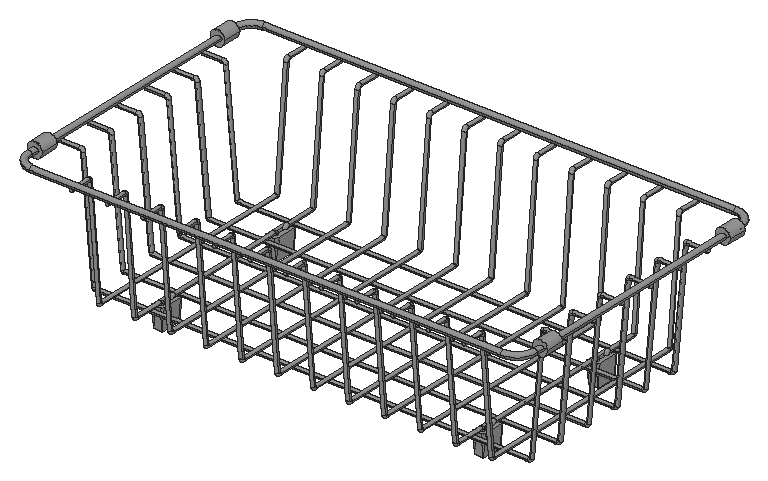
Revit family "ALMA-Ellie_Dish_Rack", category Specialty Equipment, Revit 2026
Family settings
  Round Connector Dimension = Use Diameter
  Part Type = Normal
  Work Plane-Based = Yes
  Enable Cutting in Views = Yes
  Always vertical = Yes
  Cut with Voids When Loaded = No
  Maintain Annotation Orientation = No
  Shared = No
  Room Calculation Point = No
Parameters (values of type "STAINLESS STEEL (KADRSS01)")
  Width = 250 mm
  Support_Material = BM_MATTE BLACK_RUBBER
  Length = 430 mm
  Height = 125 mm
  Grip_Material = BM_OPAQUE WHITE_SILICONE
  DishRack_Material = BM_STAINLESS STEEL
  Default Elevation = 1219.2 mm
Types (4, lengths in mm): name | DishRack_Material
  (no name) | BM_STAINLESS STEEL
  BRUSHED BRASS GOLD (KADRGD02) | BM_BRASS GOLD
  BRUSHED GUNMETAL (KADRGM04) | BM_GUNMETAL
  STAINLESS STEEL (KADRSS01) | BM_STAINLESS STEEL
Reference planes
  plane 1 "Center (Front/Back)": y = 0
  plane 2: z = 0
  plane 3 "Center (Left/Right)": x = 0
  plane 4: y = 125
  plane 5: y = -125
  plane 6: x = -215
  plane 7: x = 215
  plane 8: z = 15
  plane 9: z = 125
  plane 10: z = 122.5
  plane 11 "Center L/Y": x = -195
  plane 12 "Center L/Z": x = 195
  plane 13: x = -165
  plane 14: x = -135
  plane 15: x = 135
  plane 16: x = 165
  plane 17: y = 75
  plane 18: y = 45
  plane 19: y = -75
  plane 20: y = -45
  plane 21: y = 15
  plane 22: y = -15
  plane 23: x = -105
  plane 24: x = -75
  plane 25: x = -45
  plane 26: x = -15
  plane 27: x = 15
  plane 28: x = 44.544
  plane 29: x = 74.544
  plane 30: x = 104.544
Forms (mm)
  Sweep 1, solid, material "BM_STAINLESS STEEL" <- "DishRack_Material"
    path origin (-375, -1524, 122.5) x (-1, 0, 0) y (0, -1, 0)
      loop
        arc (-177, -1646.5) -> (-166.747, -1642.253) -> (-162.5, -1632) r 14.5
        line (-162.5, -1632) -> (-162.5, -1416)
        arc (-162.5, -1416) -> (-166.747, -1405.747) -> (-177, -1401.5) r 14.5
        line (-177, -1401.5) -> (-573, -1401.5)
        arc (-573, -1401.5) -> (-583.253, -1405.747) -> (-587.5, -1416) r 14.5
        line (-587.5, -1416) -> (-587.5, -1632)
        arc (-587.5, -1632) -> (-583.253, -1642.253) -> (-573, -1646.5) r 14.5
        line (-573, -1646.5) -> (-177, -1646.5)
    profile origin (0, 122.5, 122.5) x (0, 1, 0) y (0, 0, 1)
      loop
        circle (0, 0) r 2.5
  Extrusion 2, solid, material "BM_OPAQUE WHITE_SILICONE" <- "Grip_Material"
    sketch origin (0, 0, 0) x (1, 0, 0) y (0, 0, 1)
      loop
        circle (212.466, 122.5) r 6.25
    from 86.5 to 101.5
  Extrusion 3, solid, material "BM_OPAQUE WHITE_SILICONE" <- "Grip_Material"
    sketch origin (0, 0, 0) x (-1, 0, 0) y (0, 0, -1)
      loop
        circle (212.466, -122.5) r 6.25
    from 86.5 to 101.5
  Extrusion 4, solid, material "BM_OPAQUE WHITE_SILICONE" <- "Grip_Material"
    sketch origin (0, 4.004, 0) x (1, 0, 0) y (0, 0, -1)
      loop
        circle (212.466, -122.5) r 6.25
    from 86.5 to 101.5
  Extrusion 5, solid, material "BM_OPAQUE WHITE_SILICONE" <- "Grip_Material"
    sketch origin (0, 4.004, 0) x (-1, 0, 0) y (0, 0, 1)
      loop
        circle (212.466, 122.5) r 6.25
    from 86.5 to 101.5
  Sweep 6, solid, material "BM_STAINLESS STEEL" <- "DishRack_Material"
    path origin (0, 0, 0) x (1, 0, 0) y (0, 0, 1)
      loop
        line (-212.5, 118.5) -> (-195.37, 118.5)
        arc (-195.37, 118.5) -> (-194.024, 117.98) -> (-193.379, 116.69) r 2
        line (-193.379, 116.69) -> (-184.009, 18.31)
        arc (-184.009, 18.31) -> (-183.364, 17.02) -> (-182.018, 16.5) r 2
        line (-182.018, 16.5) -> (182.018, 16.5)
        arc (182.018, 16.5) -> (183.364, 17.02) -> (184.009, 18.31) r 2
        line (184.009, 18.31) -> (193.379, 116.69)
        arc (193.379, 116.69) -> (194.024, 117.98) -> (195.37, 118.5) r 2
        line (195.37, 118.5) -> (212.5, 118.5)
    profile origin (-203.935, 0, 118.5) x (0, 0, 1) y (0, -1, 0)
      loop
        circle (0, 15) r 1.5
  Sweep 7, solid, material "BM_STAINLESS STEEL" <- "DishRack_Material"
    path origin (0, -30, 0) x (1, 0, 0) y (0, 0, 1)
      loop
        line (-212.5, 118.5) -> (-195.37, 118.5)
        arc (-195.37, 118.5) -> (-194.024, 117.98) -> (-193.379, 116.69) r 2
        line (-193.379, 116.69) -> (-184.009, 18.31)
        arc (-184.009, 18.31) -> (-183.364, 17.02) -> (-182.018, 16.5) r 2
        line (-182.018, 16.5) -> (182.018, 16.5)
        arc (182.018, 16.5) -> (183.364, 17.02) -> (184.009, 18.31) r 2
        line (184.009, 18.31) -> (193.379, 116.69)
        arc (193.379, 116.69) -> (194.024, 117.98) -> (195.37, 118.5) r 2
        line (195.37, 118.5) -> (212.5, 118.5)
    profile origin (-203.935, -30, 118.5) x (0, 0, 1) y (0, -1, 0)
      loop
        circle (0, 15) r 1.5
  Sweep 8, solid, material "BM_STAINLESS STEEL" <- "DishRack_Material"
    path origin (0, -60, 0) x (1, 0, 0) y (0, 0, 1)
      loop
        line (-212.5, 118.5) -> (-195.37, 118.5)
        arc (-195.37, 118.5) -> (-194.024, 117.98) -> (-193.379, 116.69) r 2
        line (-193.379, 116.69) -> (-184.009, 18.31)
        arc (-184.009, 18.31) -> (-183.364, 17.02) -> (-182.018, 16.5) r 2
        line (-182.018, 16.5) -> (182.018, 16.5)
        arc (182.018, 16.5) -> (183.364, 17.02) -> (184.009, 18.31) r 2
        line (184.009, 18.31) -> (193.379, 116.69)
        arc (193.379, 116.69) -> (194.024, 117.98) -> (195.37, 118.5) r 2
        line (195.37, 118.5) -> (212.5, 118.5)
    profile origin (-203.935, -60, 118.5) x (0, 0, 1) y (0, -1, 0)
      loop
        circle (0, 15) r 1.5
  Sweep 9, solid, material "BM_STAINLESS STEEL" <- "DishRack_Material"
    path origin (0, 30, 0) x (1, 0, 0) y (0, 0, 1)
      loop
        line (-212.5, 118.5) -> (-195.37, 118.5)
        arc (-195.37, 118.5) -> (-194.024, 117.98) -> (-193.379, 116.69) r 2
        line (-193.379, 116.69) -> (-184.009, 18.31)
        arc (-184.009, 18.31) -> (-183.364, 17.02) -> (-182.018, 16.5) r 2
        line (-182.018, 16.5) -> (182.018, 16.5)
        arc (182.018, 16.5) -> (183.364, 17.02) -> (184.009, 18.31) r 2
        line (184.009, 18.31) -> (193.379, 116.69)
        arc (193.379, 116.69) -> (194.024, 117.98) -> (195.37, 118.5) r 2
        line (195.37, 118.5) -> (212.5, 118.5)
    profile origin (-203.935, 30, 118.5) x (0, 0, 1) y (0, -1, 0)
      loop
        circle (0, 15) r 1.5
  Sweep 10, solid, material "BM_STAINLESS STEEL" <- "DishRack_Material"
    path origin (0, 60, 0) x (1, 0, 0) y (0, 0, 1)
      loop
        line (-212.5, 118.5) -> (-195.37, 118.5)
        arc (-195.37, 118.5) -> (-194.024, 117.98) -> (-193.379, 116.69) r 2
        line (-193.379, 116.69) -> (-184.009, 18.31)
        arc (-184.009, 18.31) -> (-183.364, 17.02) -> (-182.018, 16.5) r 2
        line (-182.018, 16.5) -> (182.018, 16.5)
        arc (182.018, 16.5) -> (183.364, 17.02) -> (184.009, 18.31) r 2
        line (184.009, 18.31) -> (193.379, 116.69)
        arc (193.379, 116.69) -> (194.024, 117.98) -> (195.37, 118.5) r 2
        line (195.37, 118.5) -> (212.5, 118.5)
    profile origin (-203.935, 60, 118.5) x (0, 0, 1) y (0, -1, 0)
      loop
        circle (0, 15) r 1.5
  Sweep 11, solid, material "BM_STAINLESS STEEL" <- "DishRack_Material"
    path origin (0, 90, 0) x (1, 0, 0) y (0, 0, 1)
      loop
        line (-212.5, 118.5) -> (-195.37, 118.5)
        arc (-195.37, 118.5) -> (-194.024, 117.98) -> (-193.379, 116.69) r 2
        line (-193.379, 116.69) -> (-184.009, 18.31)
        arc (-184.009, 18.31) -> (-183.364, 17.02) -> (-182.018, 16.5) r 2
        line (-182.018, 16.5) -> (182.018, 16.5)
        arc (182.018, 16.5) -> (183.364, 17.02) -> (184.009, 18.31) r 2
        line (184.009, 18.31) -> (193.379, 116.69)
        arc (193.379, 116.69) -> (194.024, 117.98) -> (195.37, 118.5) r 2
        line (195.37, 118.5) -> (212.5, 118.5)
    profile origin (-203.935, 90, 118.5) x (0, 0, 1) y (0, -1, 0)
      loop
        circle (0, 15) r 1.5
  Sweep 12, solid, material "BM_STAINLESS STEEL" <- "DishRack_Material"
    path origin (-30, 0, 0) x (0, 1, 0) y (0, 0, 1)
      loop
        line (-122.5, 118.5) -> (-105.084, 118.5)
        arc (-105.084, 118.5) -> (-103.739, 117.98) -> (-103.093, 116.69) r 2
        line (-103.093, 116.69) -> (-94.009, 21.31)
        arc (-94.009, 21.31) -> (-93.364, 20.02) -> (-92.018, 19.5) r 2
        line (-92.018, 19.5) -> (92.018, 19.5)
        arc (92.018, 19.5) -> (93.364, 20.02) -> (94.009, 21.31) r 2
        line (94.009, 21.31) -> (103.093, 116.69)
        arc (103.093, 116.69) -> (103.739, 117.98) -> (105.084, 118.5) r 2
        line (105.084, 118.5) -> (122.5, 118.5)
    profile origin (-30, -113.792, 118.5) x (0, 0, 1) y (1, 0, 0)
      loop
        circle (0, 15) r 1.5
  Sweep 13, solid, material "BM_STAINLESS STEEL" <- "DishRack_Material"
    path origin (-60, 0, 0) x (0, 1, 0) y (0, 0, 1)
      loop
        line (-122.5, 118.5) -> (-105.084, 118.5)
        arc (-105.084, 118.5) -> (-103.739, 117.98) -> (-103.093, 116.69) r 2
        line (-103.093, 116.69) -> (-94.009, 21.31)
        arc (-94.009, 21.31) -> (-93.364, 20.02) -> (-92.018, 19.5) r 2
        line (-92.018, 19.5) -> (92.018, 19.5)
        arc (92.018, 19.5) -> (93.364, 20.02) -> (94.009, 21.31) r 2
        line (94.009, 21.31) -> (103.093, 116.69)
        arc (103.093, 116.69) -> (103.739, 117.98) -> (105.084, 118.5) r 2
        line (105.084, 118.5) -> (122.5, 118.5)
    profile origin (-60, -113.792, 118.5) x (0, 0, 1) y (1, 0, 0)
      loop
        circle (0, 15) r 1.5
  Sweep 14, solid, material "BM_STAINLESS STEEL" <- "DishRack_Material"
    path origin (-90, 0, 0) x (0, 1, 0) y (0, 0, 1)
      loop
        line (-122.5, 118.5) -> (-105.084, 118.5)
        arc (-105.084, 118.5) -> (-103.739, 117.98) -> (-103.093, 116.69) r 2
        line (-103.093, 116.69) -> (-94.009, 21.31)
        arc (-94.009, 21.31) -> (-93.364, 20.02) -> (-92.018, 19.5) r 2
        line (-92.018, 19.5) -> (92.018, 19.5)
        arc (92.018, 19.5) -> (93.364, 20.02) -> (94.009, 21.31) r 2
        line (94.009, 21.31) -> (103.093, 116.69)
        arc (103.093, 116.69) -> (103.739, 117.98) -> (105.084, 118.5) r 2
        line (105.084, 118.5) -> (122.5, 118.5)
    profile origin (-90, -113.792, 118.5) x (0, 0, 1) y (1, 0, 0)
      loop
        circle (0, 15) r 1.5
  Sweep 15, solid, material "BM_STAINLESS STEEL" <- "DishRack_Material"
    path origin (-120, 0, 0) x (0, 1, 0) y (0, 0, 1)
      loop
        line (-122.5, 118.5) -> (-105.084, 118.5)
        arc (-105.084, 118.5) -> (-103.739, 117.98) -> (-103.093, 116.69) r 2
        line (-103.093, 116.69) -> (-94.009, 21.31)
        arc (-94.009, 21.31) -> (-93.364, 20.02) -> (-92.018, 19.5) r 2
        line (-92.018, 19.5) -> (92.018, 19.5)
        arc (92.018, 19.5) -> (93.364, 20.02) -> (94.009, 21.31) r 2
        line (94.009, 21.31) -> (103.093, 116.69)
        arc (103.093, 116.69) -> (103.739, 117.98) -> (105.084, 118.5) r 2
        line (105.084, 118.5) -> (122.5, 118.5)
    profile origin (-120, -113.792, 118.5) x (0, 0, 1) y (1, 0, 0)
      loop
        circle (0, 15) r 1.5
  Sweep 16, solid, material "BM_STAINLESS STEEL" <- "DishRack_Material"
    path origin (-180, 0, 0) x (0, 1, 0) y (0, 0, 1)
      loop
        line (-122.5, 118.5) -> (-105.084, 118.5)
        arc (-105.084, 118.5) -> (-103.739, 117.98) -> (-103.093, 116.69) r 2
        line (-103.093, 116.69) -> (-94.009, 21.31)
        arc (-94.009, 21.31) -> (-93.364, 20.02) -> (-92.018, 19.5) r 2
        line (-92.018, 19.5) -> (92.018, 19.5)
        arc (92.018, 19.5) -> (93.364, 20.02) -> (94.009, 21.31) r 2
        line (94.009, 21.31) -> (103.093, 116.69)
        arc (103.093, 116.69) -> (103.739, 117.98) -> (105.084, 118.5) r 2
        line (105.084, 118.5) -> (122.5, 118.5)
    profile origin (-180, -113.792, 118.5) x (0, 0, 1) y (1, 0, 0)
      loop
        circle (0, 15) r 1.5
  Sweep 17, solid, material "BM_STAINLESS STEEL" <- "DishRack_Material"
    path origin (0, 0, 0) x (0, 1, 0) y (0, 0, 1)
      loop
        line (-122.5, 118.5) -> (-105.084, 118.5)
        arc (-105.084, 118.5) -> (-103.739, 117.98) -> (-103.093, 116.69) r 2
        line (-103.093, 116.69) -> (-94.009, 21.31)
        arc (-94.009, 21.31) -> (-93.364, 20.02) -> (-92.018, 19.5) r 2
        line (-92.018, 19.5) -> (92.018, 19.5)
        arc (92.018, 19.5) -> (93.364, 20.02) -> (94.009, 21.31) r 2
        line (94.009, 21.31) -> (103.093, 116.69)
        arc (103.093, 116.69) -> (103.739, 117.98) -> (105.084, 118.5) r 2
        line (105.084, 118.5) -> (122.5, 118.5)
    profile origin (0, -113.792, 118.5) x (0, 0, 1) y (1, 0, 0)
      loop
        circle (0, 15) r 1.5
  Sweep 18, solid, material "BM_STAINLESS STEEL" <- "DishRack_Material"
    path origin (30, 0, 0) x (0, 1, 0) y (0, 0, 1)
      loop
        line (-122.5, 118.5) -> (-105.084, 118.5)
        arc (-105.084, 118.5) -> (-103.739, 117.98) -> (-103.093, 116.69) r 2
        line (-103.093, 116.69) -> (-94.009, 21.31)
        arc (-94.009, 21.31) -> (-93.364, 20.02) -> (-92.018, 19.5) r 2
        line (-92.018, 19.5) -> (92.018, 19.5)
        arc (92.018, 19.5) -> (93.364, 20.02) -> (94.009, 21.31) r 2
        line (94.009, 21.31) -> (103.093, 116.69)
        arc (103.093, 116.69) -> (103.739, 117.98) -> (105.084, 118.5) r 2
        line (105.084, 118.5) -> (122.5, 118.5)
    profile origin (30, -113.792, 118.5) x (0, 0, 1) y (1, 0, 0)
      loop
        circle (0, 15) r 1.5
  Sweep 19, solid, material "BM_STAINLESS STEEL" <- "DishRack_Material"
    path origin (60, 0, 0) x (0, 1, 0) y (0, 0, 1)
      loop
        line (-122.5, 118.5) -> (-105.084, 118.5)
        arc (-105.084, 118.5) -> (-103.739, 117.98) -> (-103.093, 116.69) r 2
        line (-103.093, 116.69) -> (-94.009, 21.31)
        arc (-94.009, 21.31) -> (-93.364, 20.02) -> (-92.018, 19.5) r 2
        line (-92.018, 19.5) -> (92.018, 19.5)
        arc (92.018, 19.5) -> (93.364, 20.02) -> (94.009, 21.31) r 2
        line (94.009, 21.31) -> (103.093, 116.69)
        arc (103.093, 116.69) -> (103.739, 117.98) -> (105.084, 118.5) r 2
        line (105.084, 118.5) -> (122.5, 118.5)
    profile origin (60, -113.792, 118.5) x (0, 0, 1) y (1, 0, 0)
      loop
        circle (0, 15) r 1.5
  Sweep 20, solid, material "BM_STAINLESS STEEL" <- "DishRack_Material"
    path origin (90, 0, 0) x (0, 1, 0) y (0, 0, 1)
      loop
        line (-122.5, 118.5) -> (-105.084, 118.5)
        arc (-105.084, 118.5) -> (-103.739, 117.98) -> (-103.093, 116.69) r 2
        line (-103.093, 116.69) -> (-94.009, 21.31)
        arc (-94.009, 21.31) -> (-93.364, 20.02) -> (-92.018, 19.5) r 2
        line (-92.018, 19.5) -> (92.018, 19.5)
        arc (92.018, 19.5) -> (93.364, 20.02) -> (94.009, 21.31) r 2
        line (94.009, 21.31) -> (103.093, 116.69)
        arc (103.093, 116.69) -> (103.739, 117.98) -> (105.084, 118.5) r 2
        line (105.084, 118.5) -> (122.5, 118.5)
    profile origin (90, -113.792, 118.5) x (0, 0, 1) y (1, 0, 0)
      loop
        circle (0, 15) r 1.5
  Sweep 21, solid, material "BM_STAINLESS STEEL" <- "DishRack_Material"
    path origin (120, 0, 0) x (0, 1, 0) y (0, 0, 1)
      loop
        line (-122.5, 118.5) -> (-105.084, 118.5)
        arc (-105.084, 118.5) -> (-103.739, 117.98) -> (-103.093, 116.69) r 2
        line (-103.093, 116.69) -> (-94.009, 21.31)
        arc (-94.009, 21.31) -> (-93.364, 20.02) -> (-92.018, 19.5) r 2
        line (-92.018, 19.5) -> (-67.32, 19.5)
        arc (-67.32, 19.5) -> (-65.906, 18.914) -> (-65.32, 17.5) r 2
        line (-65.32, 17.5) -> (-65.32, 5.006)
        arc (-65.32, 5.006) -> (-64.735, 3.592) -> (-63.32, 3.006) r 2
        line (-63.32, 3.006) -> (-57.32, 3.006)
        arc (-57.32, 3.006) -> (-55.906, 3.592) -> (-55.32, 5.006) r 2
        line (-55.32, 5.006) -> (-55.32, 17.5)
        arc (-55.32, 17.5) -> (-54.735, 18.914) -> (-53.32, 19.5) r 2
        line (-53.32, 19.5) -> (52.68, 19.5)
        arc (52.68, 19.5) -> (54.094, 18.914) -> (54.68, 17.5) r 2
        line (54.68, 17.5) -> (54.68, 5.006)
        arc (54.68, 5.006) -> (55.265, 3.592) -> (56.68, 3.006) r 2
        line (56.68, 3.006) -> (62.68, 3.006)
        arc (62.68, 3.006) -> (64.094, 3.592) -> (64.68, 5.006) r 2
        line (64.68, 5.006) -> (64.68, 17.5)
        arc (64.68, 17.5) -> (65.265, 18.914) -> (66.68, 19.5) r 2
        line (66.68, 19.5) -> (92.018, 19.5)
        arc (92.018, 19.5) -> (93.364, 20.02) -> (94.009, 21.31) r 2
        line (94.009, 21.31) -> (103.093, 116.69)
        arc (103.093, 116.69) -> (103.739, 117.98) -> (105.084, 118.5) r 2
        line (105.084, 118.5) -> (122.5, 118.5)
    profile origin (120, -113.792, 118.5) x (0, 0, 1) y (1, 0, 0)
      loop
        circle (0, 15) r 1.5
  Sweep 22, solid, material "BM_STAINLESS STEEL" <- "DishRack_Material"
    path origin (150, 0, 0) x (0, 1, 0) y (0, 0, 1)
      loop
        line (-122.5, 118.5) -> (-105.084, 118.5)
        arc (-105.084, 118.5) -> (-103.739, 117.98) -> (-103.093, 116.69) r 2
        line (-103.093, 116.69) -> (-94.009, 21.31)
        arc (-94.009, 21.31) -> (-93.364, 20.02) -> (-92.018, 19.5) r 2
        line (-92.018, 19.5) -> (92.018, 19.5)
        arc (92.018, 19.5) -> (93.364, 20.02) -> (94.009, 21.31) r 2
        line (94.009, 21.31) -> (103.093, 116.69)
        arc (103.093, 116.69) -> (103.739, 117.98) -> (105.084, 118.5) r 2
        line (105.084, 118.5) -> (122.5, 118.5)
    profile origin (150, -113.792, 118.5) x (0, 0, 1) y (1, 0, 0)
      loop
        circle (0, 15) r 1.5
  SweptBlend 23, solid, material "BM_MATTE BLACK_RUBBER" <- "Support_Material"
    path origin (0, 0, 0) x (1, 0, 0) y (0, 0, 1)
      loop
        line (135, 0) -> (135, 18)
    profile origin (135, 0, 0) x (-1, 0, 0) y (0, -1, 0)
      loop
        arc (3.432, 51.32) -> (3.786, 51.467) -> (3.932, 51.82) r 0.5
        line (3.932, 51.82) -> (3.932, 68.82)
        arc (3.932, 68.82) -> (3.786, 69.174) -> (3.432, 69.32) r 0.5
        line (3.432, 69.32) -> (-3.588, 69.32)
        arc (-3.588, 69.32) -> (-3.941, 69.174) -> (-4.088, 68.82) r 0.5
        line (-4.088, 68.82) -> (-4.088, 51.82)
        arc (-4.088, 51.82) -> (-3.941, 51.467) -> (-3.588, 51.32) r 0.5
        line (-3.588, 51.32) -> (3.432, 51.32)
    end profile origin (135, 0, 18) x (-1, 0, 0) y (0, -1, 0)
      loop
        arc (3.412, 50.32) -> (4.473, 50.76) -> (4.912, 51.82) r 1.5
        line (4.912, 51.82) -> (4.912, 68.82)
        arc (4.912, 68.82) -> (4.473, 69.881) -> (3.412, 70.32) r 1.5
        line (3.412, 70.32) -> (-3.588, 70.32)
        arc (-3.588, 70.32) -> (-4.648, 69.881) -> (-5.088, 68.82) r 1.5
        line (-5.088, 68.82) -> (-5.088, 51.82)
        arc (-5.088, 51.82) -> (-4.648, 50.76) -> (-3.588, 50.32) r 1.5
        line (-3.588, 50.32) -> (3.412, 50.32)
  Extrusion 24, void
    sketch origin (0, 0, 0) x (1, 0, 0) y (0, 0, 1)
      loop
        line (133.5, 18) -> (133.5, 1.544) -> (136.5, 1.544) -> (136.5, 18) -> (133.5, 18)
    from 52.015 to 68.5
  SweptBlend 25, solid, material "BM_MATTE BLACK_RUBBER" <- "Support_Material", not visible
    path origin (0, 0, 0) x (1, 0, 0) y (0, 0, 1)
      loop
        line (135, 0) -> (135, 18)
    profile origin (135, 0, 0) x (-1, 0, 0) y (0, -1, 0)
      loop
        arc (3.432, 51.32) -> (3.786, 51.467) -> (3.932, 51.82) r 0.5
        line (3.932, 51.82) -> (3.932, 68.82)
        arc (3.932, 68.82) -> (3.786, 69.174) -> (3.432, 69.32) r 0.5
        line (3.432, 69.32) -> (-3.588, 69.32)
        arc (-3.588, 69.32) -> (-3.941, 69.174) -> (-4.088, 68.82) r 0.5
        line (-4.088, 68.82) -> (-4.088, 51.82)
        arc (-4.088, 51.82) -> (-3.941, 51.467) -> (-3.588, 51.32) r 0.5
        line (-3.588, 51.32) -> (3.432, 51.32)
    end profile origin (135, 0, 18) x (-1, 0, 0) y (0, -1, 0)
      loop
        arc (3.412, 50.32) -> (4.473, 50.76) -> (4.912, 51.82) r 1.5
        line (4.912, 51.82) -> (4.912, 68.82)
        arc (4.912, 68.82) -> (4.473, 69.881) -> (3.412, 70.32) r 1.5
        line (3.412, 70.32) -> (-3.588, 70.32)
        arc (-3.588, 70.32) -> (-4.648, 69.881) -> (-5.088, 68.82) r 1.5
        line (-5.088, 68.82) -> (-5.088, 51.82)
        arc (-5.088, 51.82) -> (-4.648, 50.76) -> (-3.588, 50.32) r 1.5
        line (-3.588, 50.32) -> (3.412, 50.32)
  Extrusion 26, void, not visible
    sketch origin (0, 0, 0) x (1, 0, 0) y (0, 0, 1)
      loop
        line (133.5, 18) -> (133.5, 1.544) -> (136.5, 1.544) -> (136.5, 18) -> (133.5, 18)
    from 52.015 to 68.5
  SweptBlend 27, solid, material "BM_MATTE BLACK_RUBBER" <- "Support_Material"
    path origin (-270.088, 0, 0) x (1, 0, 0) y (0, 0, 1)
      loop
        line (135, 0) -> (135, 18)
    profile origin (-135.088, 0, 0) x (-1, 0, 0) y (0, -1, 0)
      loop
        arc (3.432, 51.32) -> (3.786, 51.467) -> (3.932, 51.82) r 0.5
        line (3.932, 51.82) -> (3.932, 68.82)
        arc (3.932, 68.82) -> (3.786, 69.174) -> (3.432, 69.32) r 0.5
        line (3.432, 69.32) -> (-3.588, 69.32)
        arc (-3.588, 69.32) -> (-3.941, 69.174) -> (-4.088, 68.82) r 0.5
        line (-4.088, 68.82) -> (-4.088, 51.82)
        arc (-4.088, 51.82) -> (-3.941, 51.467) -> (-3.588, 51.32) r 0.5
        line (-3.588, 51.32) -> (3.432, 51.32)
    end profile origin (-135.088, 0, 18) x (-1, 0, 0) y (0, -1, 0)
      loop
        arc (3.412, 50.32) -> (4.473, 50.76) -> (4.912, 51.82) r 1.5
        line (4.912, 51.82) -> (4.912, 68.82)
        arc (4.912, 68.82) -> (4.473, 69.881) -> (3.412, 70.32) r 1.5
        line (3.412, 70.32) -> (-3.588, 70.32)
        arc (-3.588, 70.32) -> (-4.648, 69.881) -> (-5.088, 68.82) r 1.5
        line (-5.088, 68.82) -> (-5.088, 51.82)
        arc (-5.088, 51.82) -> (-4.648, 50.76) -> (-3.588, 50.32) r 1.5
        line (-3.588, 50.32) -> (3.412, 50.32)
  Extrusion 28, void
    sketch origin (-270.088, 0, 0) x (1, 0, 0) y (0, 0, 1)
      loop
        line (133.5, 18) -> (133.5, 1.544) -> (136.5, 1.544) -> (136.5, 18) -> (133.5, 18)
    from 52.015 to 68.5
  SweptBlend 29, solid, material "BM_MATTE BLACK_RUBBER" <- "Support_Material"
    path origin (-270.088, 120, 0) x (1, 0, 0) y (0, 0, 1)
      loop
        line (135, 0) -> (135, 18)
    profile origin (-135.088, 120, 0) x (-1, 0, 0) y (0, -1, 0)
      loop
        arc (3.432, 51.32) -> (3.786, 51.467) -> (3.932, 51.82) r 0.5
        line (3.932, 51.82) -> (3.932, 68.82)
        arc (3.932, 68.82) -> (3.786, 69.174) -> (3.432, 69.32) r 0.5
        line (3.432, 69.32) -> (-3.588, 69.32)
        arc (-3.588, 69.32) -> (-3.941, 69.174) -> (-4.088, 68.82) r 0.5
        line (-4.088, 68.82) -> (-4.088, 51.82)
        arc (-4.088, 51.82) -> (-3.941, 51.467) -> (-3.588, 51.32) r 0.5
        line (-3.588, 51.32) -> (3.432, 51.32)
    end profile origin (-135.088, 120, 18) x (-1, 0, 0) y (0, -1, 0)
      loop
        arc (3.412, 50.32) -> (4.473, 50.76) -> (4.912, 51.82) r 1.5
        line (4.912, 51.82) -> (4.912, 68.82)
        arc (4.912, 68.82) -> (4.473, 69.881) -> (3.412, 70.32) r 1.5
        line (3.412, 70.32) -> (-3.588, 70.32)
        arc (-3.588, 70.32) -> (-4.648, 69.881) -> (-5.088, 68.82) r 1.5
        line (-5.088, 68.82) -> (-5.088, 51.82)
        arc (-5.088, 51.82) -> (-4.648, 50.76) -> (-3.588, 50.32) r 1.5
        line (-3.588, 50.32) -> (3.412, 50.32)
  Extrusion 30, void
    sketch origin (-270.088, 120, 0) x (1, 0, 0) y (0, 0, 1)
      loop
        line (133.5, 18) -> (133.5, 1.544) -> (136.5, 1.544) -> (136.5, 18) -> (133.5, 18)
    from 52.015 to 68.5
  SweptBlend 31, solid, material "BM_MATTE BLACK_RUBBER" <- "Support_Material"
    path origin (0, 120, 0) x (1, 0, 0) y (0, 0, 1)
      loop
        line (135, 0) -> (135, 18)
    profile origin (135, 120, 0) x (-1, 0, 0) y (0, -1, 0)
      loop
        arc (3.432, 51.32) -> (3.786, 51.467) -> (3.932, 51.82) r 0.5
        line (3.932, 51.82) -> (3.932, 68.82)
        arc (3.932, 68.82) -> (3.786, 69.174) -> (3.432, 69.32) r 0.5
        line (3.432, 69.32) -> (-3.588, 69.32)
        arc (-3.588, 69.32) -> (-3.941, 69.174) -> (-4.088, 68.82) r 0.5
        line (-4.088, 68.82) -> (-4.088, 51.82)
        arc (-4.088, 51.82) -> (-3.941, 51.467) -> (-3.588, 51.32) r 0.5
        line (-3.588, 51.32) -> (3.432, 51.32)
    end profile origin (135, 120, 18) x (-1, 0, 0) y (0, -1, 0)
      loop
        arc (3.412, 50.32) -> (4.473, 50.76) -> (4.912, 51.82) r 1.5
        line (4.912, 51.82) -> (4.912, 68.82)
        arc (4.912, 68.82) -> (4.473, 69.881) -> (3.412, 70.32) r 1.5
        line (3.412, 70.32) -> (-3.588, 70.32)
        arc (-3.588, 70.32) -> (-4.648, 69.881) -> (-5.088, 68.82) r 1.5
        line (-5.088, 68.82) -> (-5.088, 51.82)
        arc (-5.088, 51.82) -> (-4.648, 50.76) -> (-3.588, 50.32) r 1.5
        line (-3.588, 50.32) -> (3.412, 50.32)
  Extrusion 32, void
    sketch origin (0, 120, 0) x (1, 0, 0) y (0, 0, 1)
      loop
        line (133.5, 18) -> (133.5, 1.544) -> (136.5, 1.544) -> (136.5, 18) -> (133.5, 18)
    from 52.015 to 68.5
  Sweep 33, solid, material "BM_STAINLESS STEEL" <- "DishRack_Material"
    path origin (-120, 0, 0) x (0, 1, 0) y (0, 0, -1)
      loop
        line (-122.5, -118.5) -> (-105.084, -118.5)
        arc (-105.084, -118.5) -> (-103.739, -117.98) -> (-103.093, -116.69) r 2
        line (-103.093, -116.69) -> (-94.009, -21.31)
        arc (-94.009, -21.31) -> (-93.364, -20.02) -> (-92.018, -19.5) r 2
        line (-92.018, -19.5) -> (-67.32, -19.5)
        arc (-67.32, -19.5) -> (-65.906, -18.914) -> (-65.32, -17.5) r 2
        line (-65.32, -17.5) -> (-65.32, -5.006)
        arc (-65.32, -5.006) -> (-64.735, -3.592) -> (-63.32, -3.006) r 2
        line (-63.32, -3.006) -> (-57.32, -3.006)
        arc (-57.32, -3.006) -> (-55.906, -3.592) -> (-55.32, -5.006) r 2
        line (-55.32, -5.006) -> (-55.32, -17.5)
        arc (-55.32, -17.5) -> (-54.735, -18.914) -> (-53.32, -19.5) r 2
        line (-53.32, -19.5) -> (52.68, -19.5)
        arc (52.68, -19.5) -> (54.094, -18.914) -> (54.68, -17.5) r 2
        line (54.68, -17.5) -> (54.68, -5.006)
        arc (54.68, -5.006) -> (55.265, -3.592) -> (56.68, -3.006) r 2
        line (56.68, -3.006) -> (62.68, -3.006)
        arc (62.68, -3.006) -> (64.094, -3.592) -> (64.68, -5.006) r 2
        line (64.68, -5.006) -> (64.68, -17.5)
        arc (64.68, -17.5) -> (65.265, -18.914) -> (66.68, -19.5) r 2
        line (66.68, -19.5) -> (92.018, -19.5)
        arc (92.018, -19.5) -> (93.364, -20.02) -> (94.009, -21.31) r 2
        line (94.009, -21.31) -> (103.093, -116.69)
        arc (103.093, -116.69) -> (103.739, -117.98) -> (105.084, -118.5) r 2
        line (105.084, -118.5) -> (122.5, -118.5)
    profile origin (-120, -113.792, 118.5) x (0, 0, -1) y (-1, 0, 0)
      loop
        circle (0, 15) r 1.5
Cuts and joins
  Extrusion 24 cuts Sweep 6
  Extrusion 24 cuts Sweep 7
  Extrusion 24 cuts Sweep 8
  joined: Sweep 1, Sweep 6, Sweep 7, Sweep 8, Sweep 9, Sweep 10, Sweep 11, Sweep 12, Sweep 13, Sweep 14, Sweep 15, Sweep 17, Sweep 18, Sweep 19, Sweep 20, Sweep 21, Sweep 22, Sweep 33
  Extrusion 24 cuts SweptBlend 23
  Extrusion 28 cuts SweptBlend 27
  Extrusion 30 cuts SweptBlend 29
  Extrusion 32 cuts SweptBlend 31
Text (mm)
  text "Refer to www.buildmat.com.au for the most current product literature. \nAllow a +/- 5mm tolerance for dimensions shown in the product literature. \nPlease note product details are subject to change due to ongoing product development." at (1.508, -278.646, 0), in view "Ref. Level"
Dimensions and locks
  "Width": plane 4 to plane 5
  "Length": plane 6 to plane 7
  equal spacing: plane 6, plane 3 "Center (Left/Right)", plane 7
  equal spacing: plane 4, plane 1 "Center (Front/Back)", plane 5
  plane 12 "Center L/Z" to plane 11 "Center L/Y" = 390 mm
  plane 6 to plane 13 to plane 14 = 50 mm, 30 mm
  plane 14 to plane 15 = 270 mm
  plane 5 to plane 19 to plane 20 = 50 mm, 30 mm
  plane 8 to level = 15 mm
  plane 9 to plane 8 = 110 mm
  "Height": plane 9 to level
  aligned and locked: level to plane 2
Automatic sketch dimensions
  plane 7 to Sweep 1 sketch curve = 2.5 mm
  Sweep 1 sketch curve to plane 4 = 2.5 mm
  plane 7 to Sweep 1 sketch curve = 17 mm  (x2)
  Sweep 1 sketch curve to plane 5 = 2.5 mm
  plane 6 to Sweep 1 sketch curve = 17 mm  (x2)
  plane 6 to Sweep 1 sketch curve = 2.5 mm
  Sweep 1 sketch curve to profile plane = 0 mm  (x2)
  Extrusion 2 sketch curve to plane 10 = 0 mm
  plane 7 to Extrusion 2 sketch curve = 2.534 mm
  Extrusion 3 sketch curve to plane 10 = 0 mm
  plane 6 to Extrusion 3 sketch curve = 2.534 mm
  Extrusion 4 sketch curve to plane 10 = 0 mm
  plane 7 to Extrusion 4 sketch curve = 2.534 mm
  Extrusion 5 sketch curve to plane 10 = 0 mm
  plane 6 to Extrusion 5 sketch curve = 2.534 mm
  Sweep 6 sketch curve to plane 10 = 6 mm
  plane 6 to Sweep 6 sketch curve = 19.63 mm
  Sweep 6 sketch curve to plane 10 = 5.81 mm  (x2)
  Sweep 6 sketch curve to Sweep 6 sketch curve = 1.991 mm  (x4)
  plane 8 to Sweep 6 sketch curve = 3.31 mm  (x2)
  plane 6 to Sweep 6 sketch curve = 30.991 mm
  plane 8 to Sweep 6 sketch curve = 3.5 mm
  plane 7 to Sweep 6 sketch curve = 32.982 mm
  plane 7 to Sweep 6 sketch curve = 21.621 mm
  Sweep 6 sketch curve to Sweep 6 sketch curve = 0.19 mm
  plane 6 to Sweep 6 sketch curve = 2.5 mm
  plane 7 to Sweep 6 sketch curve = 2.5 mm
  profile plane to Sweep 6 sketch curve = 0 mm
  plane 1 "Center (Front/Back)" to Sweep 6 sketch curve = 15 mm
  Sweep 7 sketch curve to plane 10 = 6 mm
  plane 6 to Sweep 7 sketch curve = 19.63 mm
  Sweep 7 sketch curve to plane 10 = 5.81 mm  (x2)
  Sweep 7 sketch curve to Sweep 7 sketch curve = 1.991 mm  (x4)
  plane 8 to Sweep 7 sketch curve = 3.31 mm  (x2)
  plane 6 to Sweep 7 sketch curve = 30.991 mm
  plane 8 to Sweep 7 sketch curve = 3.5 mm
  plane 7 to Sweep 7 sketch curve = 32.982 mm
  plane 7 to Sweep 7 sketch curve = 21.621 mm
  Sweep 7 sketch curve to Sweep 7 sketch curve = 0.19 mm
  plane 6 to Sweep 7 sketch curve = 2.5 mm
  plane 7 to Sweep 7 sketch curve = 2.5 mm
  profile plane to Sweep 7 sketch curve = 0 mm
  profile plane to Sweep 7 sketch curve = 15 mm
  Sweep 8 sketch curve to plane 10 = 6 mm
  plane 6 to Sweep 8 sketch curve = 19.63 mm
  Sweep 8 sketch curve to plane 10 = 5.81 mm  (x2)
  Sweep 8 sketch curve to Sweep 8 sketch curve = 1.991 mm  (x4)
  plane 8 to Sweep 8 sketch curve = 3.31 mm  (x2)
  plane 6 to Sweep 8 sketch curve = 30.991 mm
  plane 8 to Sweep 8 sketch curve = 3.5 mm
  plane 7 to Sweep 8 sketch curve = 32.982 mm
  plane 7 to Sweep 8 sketch curve = 21.621 mm
  Sweep 8 sketch curve to Sweep 8 sketch curve = 0.19 mm
  plane 6 to Sweep 8 sketch curve = 2.5 mm
  plane 7 to Sweep 8 sketch curve = 2.5 mm
  profile plane to Sweep 8 sketch curve = 0 mm
  profile plane to Sweep 8 sketch curve = 15 mm
  Sweep 9 sketch curve to plane 10 = 6 mm
  plane 6 to Sweep 9 sketch curve = 19.63 mm
  Sweep 9 sketch curve to plane 10 = 5.81 mm  (x2)
  Sweep 9 sketch curve to Sweep 9 sketch curve = 1.991 mm  (x4)
  plane 8 to Sweep 9 sketch curve = 3.31 mm  (x2)
  plane 6 to Sweep 9 sketch curve = 30.991 mm
  plane 8 to Sweep 9 sketch curve = 3.5 mm
  plane 7 to Sweep 9 sketch curve = 32.982 mm
  plane 7 to Sweep 9 sketch curve = 21.621 mm
  Sweep 9 sketch curve to Sweep 9 sketch curve = 0.19 mm
  plane 6 to Sweep 9 sketch curve = 2.5 mm
  plane 7 to Sweep 9 sketch curve = 2.5 mm
  profile plane to Sweep 9 sketch curve = 0 mm
  profile plane to Sweep 9 sketch curve = 15 mm
  Sweep 10 sketch curve to plane 10 = 6 mm
  plane 6 to Sweep 10 sketch curve = 19.63 mm
  Sweep 10 sketch curve to plane 10 = 5.81 mm  (x2)
  Sweep 10 sketch curve to Sweep 10 sketch curve = 1.991 mm  (x4)
  plane 8 to Sweep 10 sketch curve = 3.31 mm  (x2)
  plane 6 to Sweep 10 sketch curve = 30.991 mm
  plane 8 to Sweep 10 sketch curve = 3.5 mm
  plane 7 to Sweep 10 sketch curve = 32.982 mm
  plane 7 to Sweep 10 sketch curve = 21.621 mm
  Sweep 10 sketch curve to Sweep 10 sketch curve = 0.19 mm
  plane 6 to Sweep 10 sketch curve = 2.5 mm
  plane 7 to Sweep 10 sketch curve = 2.5 mm
  profile plane to Sweep 10 sketch curve = 0 mm
  profile plane to Sweep 10 sketch curve = 15 mm
  Sweep 11 sketch curve to plane 10 = 6 mm
  plane 6 to Sweep 11 sketch curve = 19.63 mm
  Sweep 11 sketch curve to plane 10 = 5.81 mm  (x2)
  Sweep 11 sketch curve to Sweep 11 sketch curve = 1.991 mm  (x4)
  plane 8 to Sweep 11 sketch curve = 3.31 mm  (x2)
  plane 6 to Sweep 11 sketch curve = 30.991 mm
  plane 8 to Sweep 11 sketch curve = 3.5 mm
  plane 7 to Sweep 11 sketch curve = 32.982 mm
  plane 7 to Sweep 11 sketch curve = 21.621 mm
  Sweep 11 sketch curve to Sweep 11 sketch curve = 0.19 mm
  plane 6 to Sweep 11 sketch curve = 2.5 mm
  plane 7 to Sweep 11 sketch curve = 2.5 mm
  profile plane to Sweep 11 sketch curve = 0 mm
  profile plane to Sweep 11 sketch curve = 15 mm
  Sweep 12 sketch curve to plane 10 = 6 mm
  Sweep 12 sketch curve to plane 5 = 19.916 mm
  Sweep 12 sketch curve to plane 10 = 5.81 mm  (x2)
  Sweep 12 sketch curve to Sweep 12 sketch curve = 1.991 mm  (x4)
  plane 8 to Sweep 12 sketch curve = 6.31 mm  (x2)
  Sweep 12 sketch curve to plane 5 = 30.991 mm
  plane 8 to Sweep 12 sketch curve = 6.5 mm
  Sweep 12 sketch curve to plane 4 = 32.982 mm
  Sweep 12 sketch curve to plane 4 = 21.907 mm
  Sweep 12 sketch curve to Sweep 12 sketch curve = 0.19 mm
  Sweep 12 sketch curve to plane 5 = 2.5 mm
  Sweep 12 sketch curve to plane 4 = 2.5 mm
  Sweep 12 sketch curve to profile plane = 0 mm
  profile plane to Sweep 12 sketch curve = 15 mm
  Sweep 13 sketch curve to plane 10 = 6 mm
  Sweep 13 sketch curve to plane 5 = 19.916 mm
  Sweep 13 sketch curve to plane 10 = 5.81 mm  (x2)
  Sweep 13 sketch curve to Sweep 13 sketch curve = 1.991 mm  (x4)
  plane 8 to Sweep 13 sketch curve = 6.31 mm  (x2)
  Sweep 13 sketch curve to plane 5 = 30.991 mm
  plane 8 to Sweep 13 sketch curve = 6.5 mm
  Sweep 13 sketch curve to plane 4 = 32.982 mm
  Sweep 13 sketch curve to plane 4 = 21.907 mm
  Sweep 13 sketch curve to Sweep 13 sketch curve = 0.19 mm
  Sweep 13 sketch curve to plane 5 = 2.5 mm
  Sweep 13 sketch curve to plane 4 = 2.5 mm
  Sweep 13 sketch curve to profile plane = 0 mm
  profile plane to Sweep 13 sketch curve = 15 mm
  Sweep 14 sketch curve to plane 10 = 6 mm
  Sweep 14 sketch curve to plane 5 = 19.916 mm
  Sweep 14 sketch curve to plane 10 = 5.81 mm  (x2)
  Sweep 14 sketch curve to Sweep 14 sketch curve = 1.991 mm  (x4)
  plane 8 to Sweep 14 sketch curve = 6.31 mm  (x2)
  Sweep 14 sketch curve to plane 5 = 30.991 mm
  plane 8 to Sweep 14 sketch curve = 6.5 mm
  Sweep 14 sketch curve to plane 4 = 32.982 mm
  Sweep 14 sketch curve to plane 4 = 21.907 mm
  Sweep 14 sketch curve to Sweep 14 sketch curve = 0.19 mm
  Sweep 14 sketch curve to plane 5 = 2.5 mm
  Sweep 14 sketch curve to plane 4 = 2.5 mm
  Sweep 14 sketch curve to profile plane = 0 mm
  profile plane to Sweep 14 sketch curve = 15 mm
  Sweep 15 sketch curve to plane 10 = 6 mm
  Sweep 15 sketch curve to plane 5 = 19.916 mm
  Sweep 15 sketch curve to plane 10 = 5.81 mm  (x2)
  Sweep 15 sketch curve to Sweep 15 sketch curve = 1.991 mm  (x4)
  plane 8 to Sweep 15 sketch curve = 6.31 mm  (x2)
  Sweep 15 sketch curve to plane 5 = 30.991 mm
  plane 8 to Sweep 15 sketch curve = 6.5 mm
  Sweep 15 sketch curve to plane 4 = 32.982 mm
  Sweep 15 sketch curve to plane 4 = 21.907 mm
  Sweep 15 sketch curve to Sweep 15 sketch curve = 0.19 mm
  Sweep 15 sketch curve to plane 5 = 2.5 mm
  Sweep 15 sketch curve to plane 4 = 2.5 mm
  Sweep 15 sketch curve to profile plane = 0 mm
  profile plane to Sweep 15 sketch curve = 15 mm
  Sweep 16 sketch curve to plane 10 = 6 mm
  Sweep 16 sketch curve to plane 5 = 19.916 mm
  Sweep 16 sketch curve to plane 10 = 5.81 mm  (x2)
  Sweep 16 sketch curve to Sweep 16 sketch curve = 1.991 mm  (x4)
  plane 8 to Sweep 16 sketch curve = 6.31 mm  (x2)
  Sweep 16 sketch curve to plane 5 = 30.991 mm
  plane 8 to Sweep 16 sketch curve = 6.5 mm
  Sweep 16 sketch curve to plane 4 = 32.982 mm
  Sweep 16 sketch curve to plane 4 = 21.907 mm
  Sweep 16 sketch curve to Sweep 16 sketch curve = 0.19 mm
  Sweep 16 sketch curve to plane 5 = 2.5 mm
  Sweep 16 sketch curve to plane 4 = 2.5 mm
  Sweep 16 sketch curve to profile plane = 0 mm
  profile plane to Sweep 16 sketch curve = 15 mm
  Sweep 17 sketch curve to plane 10 = 6 mm
  Sweep 17 sketch curve to plane 5 = 19.916 mm
  Sweep 17 sketch curve to plane 10 = 5.81 mm  (x2)
  Sweep 17 sketch curve to Sweep 17 sketch curve = 1.991 mm  (x4)
  plane 8 to Sweep 17 sketch curve = 6.31 mm  (x2)
  Sweep 17 sketch curve to plane 5 = 30.991 mm
  plane 8 to Sweep 17 sketch curve = 6.5 mm
  Sweep 17 sketch curve to plane 4 = 32.982 mm
  Sweep 17 sketch curve to plane 4 = 21.907 mm
  Sweep 17 sketch curve to Sweep 17 sketch curve = 0.19 mm
  Sweep 17 sketch curve to plane 5 = 2.5 mm
  Sweep 17 sketch curve to plane 4 = 2.5 mm
  Sweep 17 sketch curve to profile plane = 0 mm
  profile plane to Sweep 17 sketch curve = 15 mm
  Sweep 18 sketch curve to plane 10 = 6 mm
  Sweep 18 sketch curve to plane 5 = 19.916 mm
  Sweep 18 sketch curve to plane 10 = 5.81 mm  (x2)
  Sweep 18 sketch curve to Sweep 18 sketch curve = 1.991 mm  (x4)
  plane 8 to Sweep 18 sketch curve = 6.31 mm  (x2)
  Sweep 18 sketch curve to plane 5 = 30.991 mm
  plane 8 to Sweep 18 sketch curve = 6.5 mm
  Sweep 18 sketch curve to plane 4 = 32.982 mm
  Sweep 18 sketch curve to plane 4 = 21.907 mm
  Sweep 18 sketch curve to Sweep 18 sketch curve = 0.19 mm
  Sweep 18 sketch curve to plane 5 = 2.5 mm
  Sweep 18 sketch curve to plane 4 = 2.5 mm
  Sweep 18 sketch curve to profile plane = 0 mm
  profile plane to Sweep 18 sketch curve = 15 mm
  Sweep 19 sketch curve to plane 10 = 6 mm
  Sweep 19 sketch curve to plane 5 = 19.916 mm
  Sweep 19 sketch curve to plane 10 = 5.81 mm  (x2)
  Sweep 19 sketch curve to Sweep 19 sketch curve = 1.991 mm  (x4)
  plane 8 to Sweep 19 sketch curve = 6.31 mm  (x2)
  Sweep 19 sketch curve to plane 5 = 30.991 mm
  plane 8 to Sweep 19 sketch curve = 6.5 mm
  Sweep 19 sketch curve to plane 4 = 32.982 mm
  Sweep 19 sketch curve to plane 4 = 21.907 mm
  Sweep 19 sketch curve to Sweep 19 sketch curve = 0.19 mm
  Sweep 19 sketch curve to plane 5 = 2.5 mm
  Sweep 19 sketch curve to plane 4 = 2.5 mm
  Sweep 19 sketch curve to profile plane = 0 mm
  profile plane to Sweep 19 sketch curve = 15 mm
  Sweep 20 sketch curve to plane 10 = 6 mm
  Sweep 20 sketch curve to plane 5 = 19.916 mm
  Sweep 20 sketch curve to plane 10 = 5.81 mm  (x2)
  Sweep 20 sketch curve to Sweep 20 sketch curve = 1.991 mm  (x4)
  plane 8 to Sweep 20 sketch curve = 6.31 mm  (x2)
  Sweep 20 sketch curve to plane 5 = 30.991 mm
  plane 8 to Sweep 20 sketch curve = 6.5 mm
  Sweep 20 sketch curve to plane 4 = 32.982 mm
  Sweep 20 sketch curve to plane 4 = 21.907 mm
  Sweep 20 sketch curve to Sweep 20 sketch curve = 0.19 mm
  Sweep 20 sketch curve to plane 5 = 2.5 mm
  Sweep 20 sketch curve to plane 4 = 2.5 mm
  Sweep 20 sketch curve to profile plane = 0 mm
  profile plane to Sweep 20 sketch curve = 15 mm
  Sweep 21 sketch curve to plane 10 = 4 mm
  Sweep 21 sketch curve to plane 5 = 19.916 mm
  Sweep 21 sketch curve to plane 10 = 5.81 mm  (x2)
  Sweep 21 sketch curve to Sweep 21 sketch curve = 1.991 mm  (x4)
  plane 8 to Sweep 21 sketch curve = 6.31 mm  (x2)
  Sweep 21 sketch curve to plane 5 = 30.991 mm
  plane 8 to Sweep 21 sketch curve = 2.5 mm  (x2)
  Sweep 21 sketch curve to Sweep 21 sketch curve = 24.698 mm
  level to Sweep 21 sketch curve = 5.006 mm
  Sweep 21 sketch curve to Sweep 21 sketch curve = 2 mm  (x7)
  Sweep 21 sketch curve to Sweep 21 sketch curve = 6 mm  (x2)
  plane 8 to Sweep 21 sketch curve = 4.5 mm
  Sweep 21 sketch curve to plane 1 "Center (Front/Back)" = 52.68 mm
  level to Sweep 21 sketch curve = 3.006 mm
  Sweep 21 sketch curve to Sweep 21 sketch curve = 10 mm
  Sweep 21 sketch curve to Sweep 21 sketch curve = 25.339 mm
  Sweep 21 sketch curve to plane 4 = 21.907 mm
  Sweep 21 sketch curve to Sweep 21 sketch curve = 0.19 mm
  Sweep 21 sketch curve to plane 5 = 2.5 mm
  Sweep 21 sketch curve to plane 4 = 2.5 mm
  Sweep 21 sketch curve to profile plane = 0 mm
  profile plane to Sweep 21 sketch curve = 15 mm
  Sweep 22 sketch curve to plane 10 = 6 mm
  Sweep 22 sketch curve to plane 5 = 19.916 mm
  Sweep 22 sketch curve to plane 10 = 5.81 mm  (x2)
  Sweep 22 sketch curve to Sweep 22 sketch curve = 1.991 mm  (x4)
  plane 8 to Sweep 22 sketch curve = 6.31 mm  (x2)
  Sweep 22 sketch curve to plane 5 = 30.991 mm
  plane 8 to Sweep 22 sketch curve = 6.5 mm
  Sweep 22 sketch curve to plane 4 = 32.982 mm
  Sweep 22 sketch curve to plane 4 = 21.907 mm
  Sweep 22 sketch curve to Sweep 22 sketch curve = 0.19 mm
  Sweep 22 sketch curve to plane 5 = 2.5 mm
  Sweep 22 sketch curve to plane 4 = 2.5 mm
  Sweep 22 sketch curve to profile plane = 0 mm
  profile plane to Sweep 22 sketch curve = 15 mm
  Sweep 33 sketch curve to plane 10 = 4 mm
  Sweep 33 sketch curve to plane 5 = 19.916 mm
  Sweep 33 sketch curve to plane 10 = 5.81 mm  (x2)
  Sweep 33 sketch curve to Sweep 33 sketch curve = 1.991 mm  (x4)
  plane 8 to Sweep 33 sketch curve = 6.31 mm  (x2)
  Sweep 33 sketch curve to plane 5 = 30.991 mm
  plane 8 to Sweep 33 sketch curve = 2.5 mm  (x2)
  Sweep 33 sketch curve to Sweep 33 sketch curve = 24.698 mm
  level to Sweep 33 sketch curve = 5.006 mm
  Sweep 33 sketch curve to Sweep 33 sketch curve = 2 mm  (x7)
  Sweep 33 sketch curve to Sweep 33 sketch curve = 6 mm  (x2)
  plane 8 to Sweep 33 sketch curve = 4.5 mm
  Sweep 33 sketch curve to plane 1 "Center (Front/Back)" = 52.68 mm
  level to Sweep 33 sketch curve = 3.006 mm
  Sweep 33 sketch curve to Sweep 33 sketch curve = 10 mm
  Sweep 33 sketch curve to Sweep 33 sketch curve = 25.339 mm
  Sweep 33 sketch curve to plane 4 = 21.907 mm
  Sweep 33 sketch curve to Sweep 33 sketch curve = 1.81 mm
  Sweep 33 sketch curve to plane 5 = 2.5 mm
  Sweep 33 sketch curve to plane 4 = 2.5 mm
  Sweep 33 sketch curve to profile plane = 0 mm
  profile plane to Sweep 33 sketch curve = 15 mm
  radius of Sweep 1 sketch curve = 2.5 mm
  radius of Extrusion 2 sketch curve = 6.25 mm
  radius of Extrusion 3 sketch curve = 6.25 mm
  radius of Extrusion 4 sketch curve = 6.25 mm
  radius of Extrusion 5 sketch curve = 6.25 mm
  radius of Sweep 6 sketch curve = 1.5 mm
  radius of Sweep 7 sketch curve = 1.5 mm
  radius of Sweep 8 sketch curve = 1.5 mm
  radius of Sweep 9 sketch curve = 1.5 mm
  radius of Sweep 10 sketch curve = 1.5 mm
  radius of Sweep 11 sketch curve = 1.5 mm
  radius of Sweep 12 sketch curve = 1.5 mm
  radius of Sweep 13 sketch curve = 1.5 mm
  radius of Sweep 14 sketch curve = 1.5 mm
  radius of Sweep 15 sketch curve = 1.5 mm
  radius of Sweep 16 sketch curve = 1.5 mm
  radius of Sweep 17 sketch curve = 1.5 mm
  radius of Sweep 18 sketch curve = 1.5 mm
  radius of Sweep 19 sketch curve = 1.5 mm
  radius of Sweep 20 sketch curve = 1.5 mm
  radius of Sweep 21 sketch curve = 1.5 mm
  radius of Sweep 22 sketch curve = 1.5 mm
  radius of Sweep 33 sketch curve = 1.5 mm
